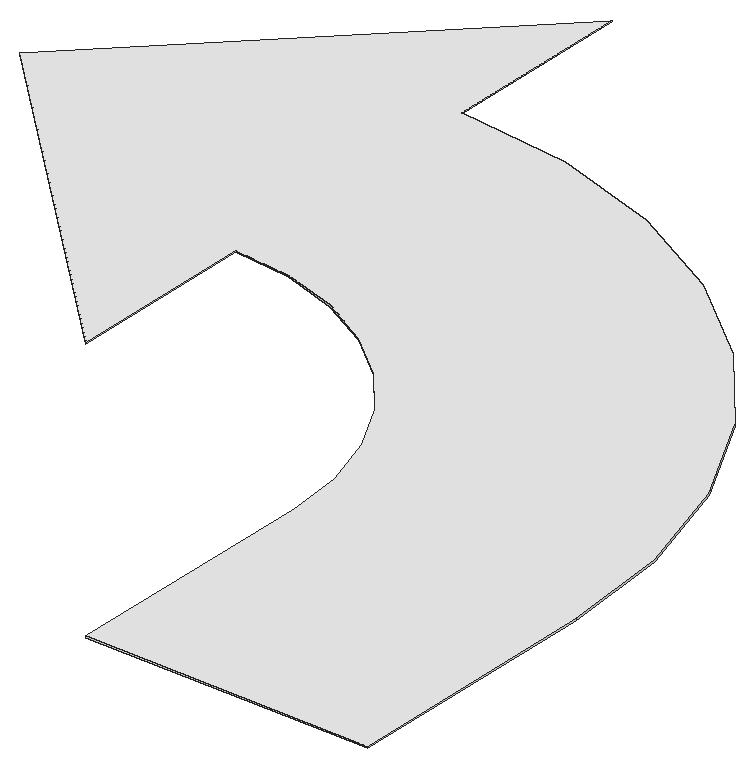
Revit family
Reference planes
  plane 1 "중심(앞/뒤)": y = 0
  plane 2: z = 0
  plane 3 "중심(왼쪽/오른쪽)": x = 0
Forms (mm)
  Extrusion 1, solid, material "페인트 - 흰색"
    sketch origin (0, 0, 0) x (1, 0, 0) y (0, 1, 0)
      loop
        line (152.4, 0) -> (152.4, 281.643)
        arc (152.4, 281.643) -> (-29.539, 720.883) -> (-468.778, 902.822) r 621.178
        line (-468.778, 902.822) -> (-468.778, 1106.022) -> (-824.378, 750.422) -> (-468.778, 394.822) -> (-468.778, 598.022)
        arc (-468.778, 598.022) -> (-245.065, 505.356) -> (-152.4, 281.643) r 316.378
        line (-152.4, 281.643) -> (-152.4, 0) -> (152.4, 0)
    from 0 to 1.587
